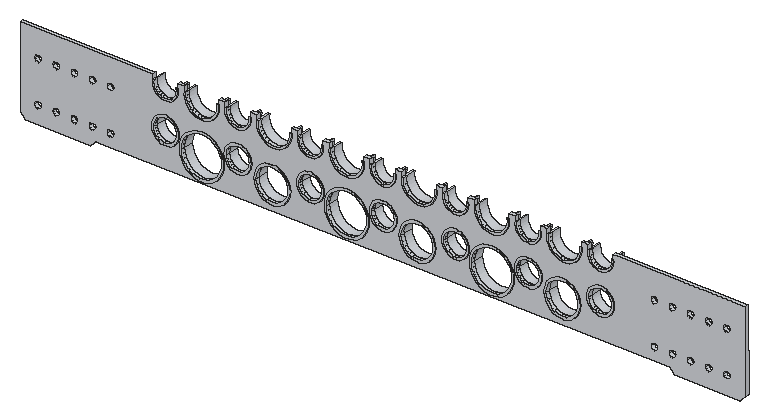
Revit family (continued)
Connectors (in)
  piping at (-5, 0.3685, -0.0885)
    settings: on cut or joined group of Extrusion 13, Extrusion 14, Extrusion 17, index 77, connector radius 1/4", flow factor 0, pipe flow 0 GPM, pressure drop 0.00 psi, fitting loss kfactor 0, connector angle 0.00°, fixture units 0, flow configuration 0, flow direction 0, fitting loss method 0, system type 22, connector reference index -1, connector utility 0, adjustable connector no, is connector primary no, fitting loss table "", connector description ""
  piping at (-3, 0.3685, 1.04217)
    settings: on cut or joined group of Extrusion 35, Extrusion 36, Extrusion 37, index 78, connector radius 1/4", flow factor 0, pipe flow 0 GPM, pressure drop 0.00 psi, fitting loss kfactor 0, connector angle 0.00°, fixture units 0, flow configuration 0, flow direction 0, fitting loss method 0, system type 22, connector reference index -1, connector utility 0, adjustable connector no, is connector primary no, fitting loss table "", connector description ""
  piping at (-3, 0.3685, -0.0885)
    settings: on cut or joined group of Extrusion 15, Extrusion 16, Extrusion 19, index 79, connector radius 1/4", flow factor 0, pipe flow 0 GPM, pressure drop 0.00 psi, fitting loss kfactor 0, connector angle 0.00°, fixture units 0, flow configuration 0, flow direction 0, fitting loss method 0, system type 22, connector reference index -1, connector utility 0, adjustable connector no, is connector primary no, fitting loss table "", connector description ""
  piping at (-1, 0.3685, 1.04217)
    settings: on cut or joined group of Extrusion 37, Extrusion 38, Extrusion 39, index 80, connector radius 1/4", flow factor 0, pipe flow 0 GPM, pressure drop 0.00 psi, fitting loss kfactor 0, connector angle 0.00°, fixture units 0, flow configuration 0, flow direction 0, fitting loss method 0, system type 22, connector reference index -1, connector utility 0, adjustable connector no, is connector primary no, fitting loss table "", connector description ""
  piping at (-1, 0.3685, -0.0885)
    settings: on cut or joined group of Extrusion 17, Extrusion 18, Extrusion 21, index 81, connector radius 1/4", flow factor 0, pipe flow 0 GPM, pressure drop 0.00 psi, fitting loss kfactor 0, connector angle 0.00°, fixture units 0, flow configuration 0, flow direction 0, fitting loss method 0, system type 22, connector reference index -1, connector utility 0, adjustable connector no, is connector primary no, fitting loss table "", connector description ""
  piping at (1, 0.3685, 1.04217)
    settings: on cut or joined group of Extrusion 39, Extrusion 40, Extrusion 41, index 82, connector radius 1/4", flow factor 0, pipe flow 0 GPM, pressure drop 0.00 psi, fitting loss kfactor 0, connector angle 0.00°, fixture units 0, flow configuration 0, flow direction 0, fitting loss method 0, system type 22, connector reference index -1, connector utility 0, adjustable connector no, is connector primary no, fitting loss table "", connector description ""
  piping at (1, 0.3685, -0.0885)
    settings: on cut or joined group of Extrusion 19, Extrusion 20, index 83, connector radius 1/4", flow factor 0, pipe flow 0 GPM, pressure drop 0.00 psi, fitting loss kfactor 0, connector angle 0.00°, fixture units 0, flow configuration 0, flow direction 0, fitting loss method 0, system type 22, connector reference index -1, connector utility 0, adjustable connector no, is connector primary no, fitting loss table "", connector description ""
  piping at (3, 0.3685, 1.04217)
    settings: on cut or joined group of Extrusion 41, Extrusion 42, Extrusion 43, index 84, connector radius 1/4", flow factor 0, pipe flow 0 GPM, pressure drop 0.00 psi, fitting loss kfactor 0, connector angle 0.00°, fixture units 0, flow configuration 0, flow direction 0, fitting loss method 0, system type 22, connector reference index -1, connector utility 0, adjustable connector no, is connector primary no, fitting loss table "", connector description ""
  piping at (3, 0.3685, -0.0885)
    settings: on cut or joined group of Extrusion 21, Extrusion 22, Extrusion 29, index 85, connector radius 1/4", flow factor 0, pipe flow 0 GPM, pressure drop 0.00 psi, fitting loss kfactor 0, connector angle 0.00°, fixture units 0, flow configuration 0, flow direction 0, fitting loss method 0, system type 22, connector reference index -1, connector utility 0, adjustable connector no, is connector primary no, fitting loss table "", connector description ""
  piping at (5, 0.3685, 1.04217)
    settings: on cut or joined group of Extrusion 43, Extrusion 44, index 86, connector radius 1/4", flow factor 0, pipe flow 0 GPM, pressure drop 0.00 psi, fitting loss kfactor 0, connector angle 0.00°, fixture units 0, flow configuration 0, flow direction 0, fitting loss method 0, system type 22, connector reference index -1, connector utility 0, adjustable connector no, is connector primary no, fitting loss table "", connector description ""
  piping at (5, 0.3685, -0.0885)
    settings: on cut or joined group of Extrusion 29, Extrusion 30, index 87, connector radius 1/4", flow factor 0, pipe flow 0 GPM, pressure drop 0.00 psi, fitting loss kfactor 0, connector angle 0.00°, fixture units 0, flow configuration 0, flow direction 0, fitting loss method 0, system type 22, connector reference index -1, connector utility 0, adjustable connector no, is connector primary no, fitting loss table "", connector description ""
